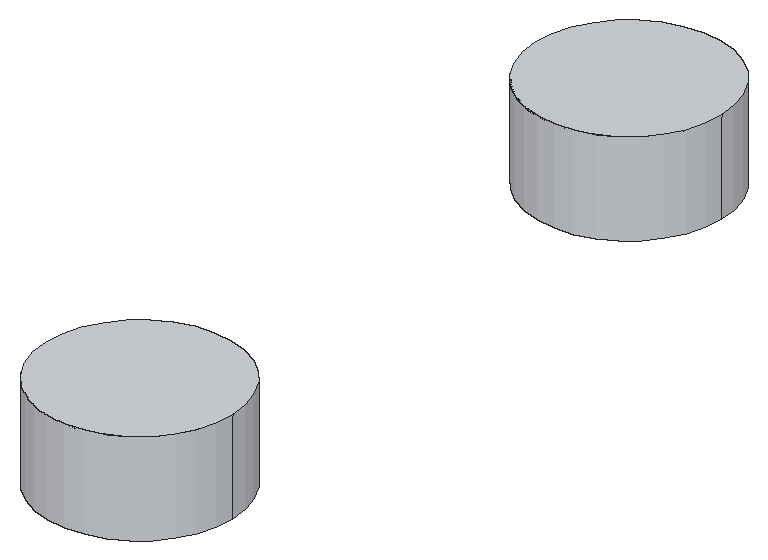
Revit family "E511.03_B3E", category Plumbing Fixtures, Revit 2021
Family settings
  Round Connector Dimension = Use Diameter
  Part Type = Normal
  OmniClass Number = 23.45.05.14
  OmniClass Title = Plumbing Fixtures - Sanitary Washing Units
  Work Plane-Based = No
  Always vertical = Yes
  Cut with Voids When Loaded = No
  Shared = No
  Room Calculation Point = No
Parameters (values of type "Standard")
  Waste Connection = no
  Vent Connection = no
  URL = "www.fvandina.com"
  Title = "Juego Monocomando para Cocina FLOW E"
  Teléfono de contacto = "FV Responde 1800 38 38 38"
  Presión = "60 PSI"
  Part Number = "E511.03_B3E"
  Model = "E511.03/B3E"
  Material = "Latón"
  Manufacturer = "FV - AREA ANDINA S.A."
  Instalación = "https://fvandina.com/producto/869-juego-monocomando-para-cocina-flow-e/"
  HW Connection = yes
  Garantía = "GARANTÍA TOTAL FV - DETALLES EN PÁGINA WEB"
  Dirección fabricante = "KM 25, VÍA SANGOLQUÍ AMAGUAÑA - PICHINCHA - ECUADOR"
  Description = "Juego Monocomando para Cocina FLOW E"
  Default Elevation = 0 mm
  Cota largo = "247 mm"
  Cota ancho = "115 mm"
  Cota alto = "347 mm"
  Consumo agua grifería = "8.3 l/min"
  Connector_2_Diameter = 10 mm
  Connector_1_Diameter = 10 mm
  Conexión hidráulica = "W9/16\" x 19"
  Company = "FV - GRIFERÍA, SANITARIOS, COMPLEMENTOS"
  Certificación = "INEN"
  Catalog web link = "https://fvandina.com/producto/869-juego-monocomando-para-cocina-flow-e/"
  CW Connection = yes
  Acabado = "Cromo"
Reference planes
  plane 1 "Center (Front/Back)": y = 0
  plane 2: z = 0
  plane 3 "Center (Left/Right)": x = 0
Forms (mm)
  Extrusion 1, solid
    sketch origin (0, -10, 0) x (1, 0, 0) y (0, 1, 0)
      loop
        circle (0, 0) r 3.048
    from 0 to -3.048
  Extrusion 2, solid
    sketch origin (0, 10, 0) x (1, 0, 0) y (0, 1, 0)
      loop
        circle (0, 0) r 3.048
    from 0 to -3.048
Dimensions and locks
  aligned and locked: level to plane 2
Connectors
  piping at (0, -10, 0), diameter 10, driven by "Connector_1_Diameter"
    settings: on Extrusion 1, index 1, connector inside diameter 609.6 mm, connector length 0 mm, flow factor 0, pipe flow 0.0 L/s, pressure drop 0.0 Pa, fitting loss kfactor 0, connector angle 0.00°, fixture units 0, engagement length 0 mm, angle of deflection 0.00°, flow configuration 1, flow direction 1, fitting loss method 0, system type 20, joint type 0, gender type 0, connector reference index -1, connector utility 0, adjustable connector no, is connector primary yes, connector description ""
  piping at (0, 10, 0), diameter 10, driven by "Connector_2_Diameter"
    settings: on Extrusion 2, index 2, connector inside diameter 609.6 mm, connector length 0 mm, flow factor 0, pipe flow 0.0 L/s, pressure drop 0.0 Pa, fitting loss kfactor 0, connector angle 0.00°, fixture units 0, engagement length 0 mm, angle of deflection 0.00°, flow configuration 1, flow direction 1, fitting loss method 0, system type 19, joint type 0, gender type 0, connector reference index -1, connector utility 0, adjustable connector no, is connector primary no, connector description ""
